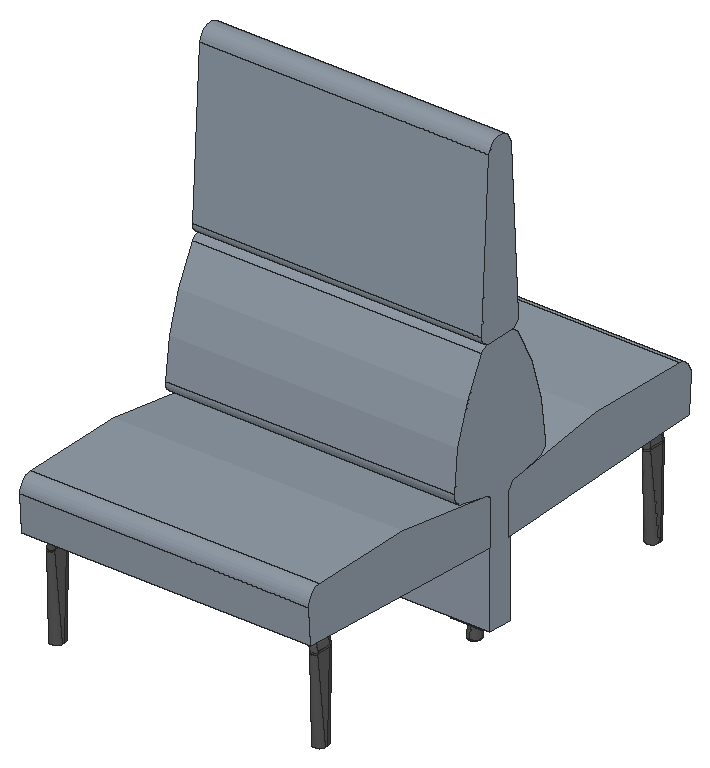
Revit family "FU_Modular_Sandler_Ambit 1046", category Furniture, Revit 2020
Family settings
  OmniClass Number = 23.40.20.00
  OmniClass Title = General Furniture and Specialties
  Work Plane-Based = No
  Always vertical = Yes
  Cut with Voids When Loaded = No
  Shared = No
  Room Calculation Point = No
Parameters (values of type "Ambit 1046")
  Width = 800 mm
  URL = "https://www.sandlerseating.com/product/ambit-1046/"
  Seat [instance] = Fabric - Gravity - Frozen CPC27
  Panel [instance] = Fabric - Gravity - Frozen CPC27
  Model = "Ambit 1046"
  Manufacturer = "Sandler"
  Height = 770 mm
  Frame [instance] = Metal - Paint -AL VR - Matt Jet Black
  Description = "Modular seating system. Upholstered seat and back, with feet in cast aluminium."
  Depth = 1320 mm
  Default Elevation = 0 mm
  Back [instance] = Fabric - Gravity - Frozen CPC27
Reference planes
  plane 1 "Center (Front/Back)": y = 0
  plane 2: z = 0
  plane 3 "Center (Left/Right)": x = 0
  plane 4 "Right": x = -400
  plane 5 "Left": x = 400
  plane 6 "Back": y = 660
  plane 7 "Front": y = -660
  plane 8 "Height": z = 770
  plane 9 "Seat height": z = 430
Dimensions and locks
  equal spacing: plane 4 "Right", plane 3 "Center (Left/Right)", plane 5 "Left"
  "Width": plane 4 "Right" to plane 5 "Left"
  equal spacing: plane 6 "Back", plane 1 "Center (Front/Back)", plane 7 "Front"
  "Depth": plane 6 "Back" to plane 7 "Front"
  "Height": plane 8 "Height" to level
  plane 9 "Seat height" to level = 430 mm
  aligned and locked: level to plane 2
Nested families
  nested 1: "Ambit Seat" at (0, -310, 0), Frame <- "Frame", Seat <- "Seat", type "Ambit Seat"
    with Seat Fabric - Gravity - Frozen CPC27, Frame Metal - Paint -AL VR - Matt Jet Black
  nested 2: "Ambit DoubleBack" at (0, 0, 0), Back <- "Back", Frame <- "Frame", type "Ambit DoubleBack"
    with Frame Metal - Paint -AL VR - Matt Jet Black, Back Fabric - Gravity - Frozen CPC27
  nested 3: "Ambit Double-High-Panel" at (0, 0, 0), Panel <- "Panel", type "Ambit Double-High-Panel"
    with Panel Fabric - Gravity - Frozen CPC27
  nested 4: "Ambit Seat" at (0, 310, 0), Frame <- "Frame", Seat <- "Seat", type "Ambit Seat"
    with Seat Fabric - Gravity - Frozen CPC27, Frame Metal - Paint -AL VR - Matt Jet Black
Definition of nested family "Ambit Seat"
  Parameters (values of type "Ambit Seat")
    Width = 800 mm
    URL = ""
    Seat [instance] = none
    Model = ""
    Manufacturer = ""
    Height = 770 mm
    Frame [instance] = none
    Description = "Modular seating system."
    Depth = 700 mm
    Default Elevation = 0 mm
  Reference planes
    plane 1 "Center (Front/Back)": y = 0
    plane 2: z = 0
    plane 3 "Center (Left/Right)": x = 0
    plane 4 "Right": x = -400
    plane 5 "Left": x = 400
    plane 6 "Back": y = 350
    plane 7 "Front": y = -350
    plane 8 "Height": z = 770
    plane 9 "Seat height": z = 430
    plane 10 "FFT C RIGHT": z = 285.404
    plane 11 "FFV  C RIGHT": y = -265.648
  Forms (mm)
    SweptBlend 1, solid, material <- "Frame"
      path origin (0, -265.648, 0) x (0, 0, -1) y (1, 0, 0)
        loop
          line (0, 364.075) -> (-239.72, 364.075)
      profile "Pro_Ambit_FFoot : Pro_Ambit_FFoot" origin (364.075, -265.648, 0) x (-1, 0, 0) y (0, -1, 0)
        loop
          arc (17.452, 3.305) -> (0, 20.142) -> (-17.452, 3.305) r 17.463
          line (-17.452, 3.305) -> (-17.452, -3.305)
          arc (-17.452, -3.305) -> (0, -20.142) -> (17.452, -3.305) r 17.463
          line (17.452, -3.305) -> (17.452, 3.305)
      end profile "Pro_Ambit_FF : Pro_Ambit_FF" origin (364.075, -265.648, 239.72) x (-1, 0, 0) y (0, -1, 0)
        loop
          arc (-10, -20.066) -> (0, -30.066) -> (10, -20.066) r 10
          line (10, -20.066) -> (10, 20.066)
          arc (10, 20.066) -> (0, 30.066) -> (-10, 20.066) r 10
          line (-10, 20.066) -> (-10, -20.066)
    Sweep 2, solid, material <- "Frame"
      path origin (0, -265.648, 0) x (0, 0, -1) y (1, 0, 0)
        loop
          line (-234.72, -364.14) -> (-239.72, -364.14)
          arc (-239.72, -364.14) -> (-272.419, -345.952) -> (-285.404, -310.86) r 53.912
          line (-285.404, -310.86) -> (-285.404, 310.86)
          arc (-285.404, 310.86) -> (-272.419, 345.952) -> (-239.72, 364.14) r 53.912
          line (-239.72, 364.14) -> (-234.72, 364.14)
      profile "Pro_Ambit_FF : Pro_Ambit_FF" origin (0, -265.648, 285.404) x (0, 0, 1) y (0, -1, 0)
        loop
          arc (-10, -20.066) -> (0, -30.066) -> (10, -20.066) r 10
          line (10, -20.066) -> (10, 20.066)
          arc (10, 20.066) -> (0, 30.066) -> (-10, 20.066) r 10
          line (-10, 20.066) -> (-10, -20.066)
    SweptBlend 3, solid, material <- "Frame"
      path origin (0, -265.648, 0) x (0, 0, -1) y (-1, 0, 0)
        loop
          line (0, 364.075) -> (-239.72, 364.075)
      profile "Pro_Ambit_FFoot : Pro_Ambit_FFoot" origin (-364.075, -265.648, 0) x (-1, 0, 0) y (0, -1, 0)
        loop
          line (-17.452, 3.305) -> (-17.452, -3.305)
          arc (-17.452, -3.305) -> (0, -20.142) -> (17.452, -3.305) r 17.463
          line (17.452, -3.305) -> (17.452, 3.305)
          arc (17.452, 3.305) -> (0, 20.142) -> (-17.452, 3.305) r 17.463
      end profile "Pro_Ambit_FF : Pro_Ambit_FF" origin (-364.075, -265.648, 239.72) x (-1, 0, 0) y (0, -1, 0)
        loop
          line (-10, 20.066) -> (-10, -20.066)
          arc (-10, -20.066) -> (0, -30.066) -> (10, -20.066) r 10
          line (10, -20.066) -> (10, 20.066)
          arc (10, 20.066) -> (0, 30.066) -> (-10, 20.066) r 10
    Extrusion 4, solid, material <- "Seat"
      sketch origin (-400, 0, 0) x (0, -1, 0) y (0, 0, 1)
        loop
          line (343.115, 289.761) -> (350.038, 388.028)
          arc (350.038, 388.028) -> (340.698, 416.645) -> (314.05, 430.647) r 40
          arc (314.05, 430.647) -> (24.831, 435.731) -> (-261.468, 394.425) r 1800.168
          arc (-261.468, 394.425) -> (-272.664, 387.398) -> (-277.031, 374.923) r 20
          line (-277.031, 374.923) -> (-277.031, 260.098) -> (343.115, 289.761)
      from -800 to 0
  Dimensions and locks
    equal spacing: plane 4 "Right", plane 3 "Center (Left/Right)", plane 5 "Left"
    "Width": plane 4 "Right" to plane 5 "Left"
    equal spacing: plane 6 "Back", plane 1 "Center (Front/Back)", plane 7 "Front"
    "Depth": plane 6 "Back" to plane 7 "Front"
    "Height": plane 8 "Height" to level
    plane 9 "Seat height" to level = 430 mm
    aligned and locked: level to plane 2
  Automatic sketch dimensions
    SweptBlend 1 sketch curve to level = 0 mm
    SweptBlend 1 sketch curve to plane 10 "FFT C RIGHT" = 45.683 mm
    Sweep 2 sketch curve to plane 10 "FFT C RIGHT" = 0 mm
    Sweep 2 sketch curve to plane 10 "FFT C RIGHT" = 45.683 mm  (x2)
    Sweep 2 sketch curve to plane 10 "FFT C RIGHT" = 53.912 mm  (x2)
    Sweep 2 sketch curve to plane 4 "Right" = 89.14 mm
    Sweep 2 sketch curve to Sweep 2 sketch curve = 5 mm  (x2)
    SweptBlend 3 sketch curve to level = 0 mm
    plane 4 "Right" to SweptBlend 3 sketch curve = 35.925 mm
    plane 10 "FFT C RIGHT" to SweptBlend 3 sketch curve = 45.683 mm
    Extrusion 4 sketch curve to Extrusion 4 sketch curve = 20 mm
    Extrusion 4 sketch curve to plane 11 "FFV  C RIGHT" = 127.741 mm
    plane 7 "Front" to Extrusion 4 sketch curve = 39.864 mm
    plane 7 "Front" to Extrusion 4 sketch curve = 6.885 mm
    Extrusion 4 sketch curve to plane 7 "Front" = 0.038 mm
    Extrusion 4 sketch curve to level = 1360.883 mm
    Extrusion 4 sketch curve to plane 10 "FFT C RIGHT" = 25.306 mm
    plane 10 "FFT C RIGHT" to Extrusion 4 sketch curve = 4.357 mm
    Extrusion 4 sketch curve to plane 9 "Seat height" = 55.077 mm
    Extrusion 4 sketch curve to plane 9 "Seat height" = 41.972 mm
    Extrusion 4 sketch curve to plane 9 "Seat height" = 39.161 mm
    Extrusion 4 sketch curve to Extrusion 4 sketch curve = 0 mm
    plane 5 "Left" to SweptBlend 1 sketch curve = 35.925 mm
    plane 5 "Left" to Sweep 2 sketch curve = 89.14 mm
    Extrusion 4 sketch curve to plane 6 "Back" = 92.969 mm
Definition of nested family "Ambit DoubleBack"
  Parameters (values of type "Ambit DoubleBack")
    Width = 800 mm
    Height = 770 mm
    Frame [instance] = none
    Depth = 320 mm
    Default Elevation = 0 mm
    Back [instance] = none
  Reference planes
    plane 1 "Center (Front/Back)": y = 0
    plane 2: z = 0
    plane 3 "Center (Left/Right)": x = 0
    plane 4 "Right": x = -400
    plane 5 "Left": x = 400
    plane 6 "Back": y = 160
    plane 7 "Front": y = -160
    plane 8 "Height": z = 770
    plane 9 "Seat height": z = 430
  Forms (mm)
    Revolve 1, solid, material <- "Frame"
      sketch origin (330.534, -318.685, 0) x (0, 1, 0) y (0, 0, 1)
        loop
          line (304.423, 40.637) -> (301.57, 2.1)
          arc (301.57, 2.1) -> (301.901, 0.817) -> (302.944, 0) r 2.065
          line (302.944, 0) -> (318.961, 0) -> (318.961, 48.022) -> (299.441, 48.022) -> (299.441, 46.076)
          arc (299.441, 46.076) -> (303.107, 44.432) -> (304.423, 40.637) r 5.065
        axis (318.961, 48.022) -> (318.961, 0)
      angle from 0 to 360
    Extrusion 2, solid, material <- "Frame"
      sketch origin (-0.482, -318.685, 51.603) x (0, -1, 0) y (1, 0, 0)
        loop
          arc (-347.852, 290.046) -> (-347.258, 288.613) -> (-345.824, 288.019) r 2.027
          line (-345.824, 288.019) -> (-291.875, 288.019)
          arc (-291.875, 288.019) -> (-290.444, 288.611) -> (-289.852, 290.042) r 2.023
          line (-289.852, 290.042) -> (-289.852, 372.037)
          arc (-289.852, 372.037) -> (-290.431, 373.436) -> (-291.83, 374.016) r 1.978
          line (-291.83, 374.016) -> (-345.837, 374.016)
          arc (-345.837, 374.016) -> (-347.262, 373.426) -> (-347.852, 372.001) r 2.015
          line (-347.852, 372.001) -> (-347.852, 290.046)
      from -5.528 to 0
    Revolve 3, solid, material <- "Frame"
      sketch origin (-330.534, -318.685, 0) x (0, 1, 0) y (0, 0, -1)
        loop
          arc (304.423, -40.637) -> (303.107, -44.432) -> (299.441, -46.076) r 5.065
          line (299.441, -46.076) -> (299.441, -48.022) -> (318.961, -48.022) -> (318.961, 0) -> (302.944, 0)
          arc (302.944, 0) -> (301.901, -0.817) -> (301.57, -2.1) r 2.065
          line (301.57, -2.1) -> (304.423, -40.637)
        axis (318.961, -48.022) -> (318.961, 0)
      angle from 0 to 360
    Extrusion 4, solid, material <- "Frame"
      sketch origin (0.482, -318.685, 51.603) x (0, -1, 0) y (1, 0, 0)
        loop
          line (-347.852, -290.046) -> (-347.852, -372.001)
          arc (-347.852, -372.001) -> (-347.262, -373.426) -> (-345.837, -374.016) r 2.015
          line (-345.837, -374.016) -> (-291.83, -374.016)
          arc (-291.83, -374.016) -> (-290.431, -373.436) -> (-289.852, -372.037) r 1.978
          line (-289.852, -372.037) -> (-289.852, -290.042)
          arc (-289.852, -290.042) -> (-290.444, -288.611) -> (-291.875, -288.019) r 2.023
          line (-291.875, -288.019) -> (-345.824, -288.019)
          arc (-345.824, -288.019) -> (-347.258, -288.613) -> (-347.852, -290.046) r 2.027
      from -5.528 to 0
    Extrusion 5, solid, material <- "Back"
      sketch origin (0, 0, 0) x (0, 1, 0) y (0, 0, 1)
        loop
          line (-33, 51.603) -> (33, 51.603) -> (33, 376.265)
          arc (33, 376.265) -> (37.75, 387.916) -> (48.518, 394.425) r 20
          arc (48.518, 394.425) -> (88.097, 402.963) -> (127.858, 410.609) r 1800.168
          arc (127.858, 410.609) -> (148.84, 423.03) -> (156.619, 446.139) r 35
          arc (156.619, 446.139) -> (130.105, 606.219) -> (62.425, 753.69) r 611.524
          arc (62.425, 753.69) -> (49.728, 765.652) -> (32.833, 770) r 35
          line (32.833, 770) -> (-32.833, 770)
          arc (-32.833, 770) -> (-49.728, 765.652) -> (-62.425, 753.69) r 35
          arc (-62.425, 753.69) -> (-130.105, 606.219) -> (-156.619, 446.139) r 611.524
          arc (-156.619, 446.139) -> (-148.84, 423.03) -> (-127.858, 410.609) r 35
          arc (-127.858, 410.609) -> (-88.097, 402.963) -> (-48.518, 394.425) r 1800.168
          arc (-48.518, 394.425) -> (-37.75, 387.916) -> (-33, 376.265) r 20
          line (-33, 376.265) -> (-33, 51.603)
      from -400 to 400
  Dimensions and locks
    equal spacing: plane 4 "Right", plane 3 "Center (Left/Right)", plane 5 "Left"
    "Width": plane 4 "Right" to plane 5 "Left"
    equal spacing: plane 6 "Back", plane 1 "Center (Front/Back)", plane 7 "Front"
    "Depth": plane 6 "Back" to plane 7 "Front"
    "Height": plane 8 "Height" to level
    plane 9 "Seat height" to level = 430 mm
    aligned and locked: level to plane 2
  Automatic sketch dimensions
    Revolve 1 sketch curve to level = 0 mm
    level to Revolve 1 sketch curve = 41.011 mm
    Revolve 1 sketch curve to plane 6 "Back" = 179.313 mm
    Revolve 1 sketch curve to Revolve 1 sketch curve = 0.069 mm
    level to Revolve 1 sketch curve = 2.1 mm
    Revolve 1 sketch curve to Revolve 1 sketch curve = 2.198 mm
    Revolve 1 sketch curve to Revolve 1 sketch curve = 1.373 mm
    level to Revolve 1 sketch curve = 1.947 mm
    level to Revolve 1 sketch curve = 40.637 mm
    Revolve 1 sketch curve to Revolve 1 sketch curve = 5.051 mm
    Revolve 1 sketch curve to Revolve 1 sketch curve = 15.332 mm
    Revolve 1 sketch curve to Revolve 1 sketch curve = 7.385 mm
    Revolve 1 sketch curve to Revolve 1 sketch curve = 0 mm
    Revolve 1 sketch curve to level = 4.899 mm
    Revolve 1 sketch curve to Revolve 1 sketch curve = 5 mm
    plane 5 "Left" to Extrusion 2 sketch curve = 110.435 mm
    Extrusion 2 sketch curve to plane 6 "Back" = 130.833 mm
    Extrusion 2 sketch curve to Extrusion 2 sketch curve = 2.015 mm
    Extrusion 2 sketch curve to Extrusion 2 sketch curve = 2.027 mm
    Extrusion 2 sketch curve to Extrusion 2 sketch curve = 53.95 mm
    Extrusion 2 sketch curve to Extrusion 2 sketch curve = 54.007 mm
    Extrusion 2 sketch curve to Extrusion 2 sketch curve = 2.023 mm
    plane 5 "Left" to Extrusion 2 sketch curve = 28.481 mm
    Revolve 3 sketch curve to level = 0 mm
    level to Revolve 3 sketch curve = 41.011 mm
    Revolve 3 sketch curve to plane 6 "Back" = 179.313 mm
    Revolve 3 sketch curve to Revolve 3 sketch curve = 0.069 mm
    level to Revolve 3 sketch curve = 2.1 mm
    Revolve 3 sketch curve to Revolve 3 sketch curve = 2.198 mm
    Revolve 3 sketch curve to Revolve 3 sketch curve = 1.373 mm
    level to Revolve 3 sketch curve = 1.947 mm
    level to Revolve 3 sketch curve = 40.637 mm
    Revolve 3 sketch curve to Revolve 3 sketch curve = 5.051 mm
    Revolve 3 sketch curve to Revolve 3 sketch curve = 15.332 mm
    Revolve 3 sketch curve to Revolve 3 sketch curve = 1.946 mm
    Revolve 3 sketch curve to Revolve 3 sketch curve = 0 mm
    Revolve 3 sketch curve to Revolve 3 sketch curve = 5 mm
    Revolve 3 sketch curve to level = 4.899 mm
    Extrusion 4 sketch curve to plane 4 "Right" = 110.435 mm
    Extrusion 4 sketch curve to plane 6 "Back" = 130.833 mm
    Extrusion 4 sketch curve to Extrusion 4 sketch curve = 2.015 mm
    Extrusion 4 sketch curve to Extrusion 4 sketch curve = 2.027 mm
    Extrusion 4 sketch curve to Extrusion 4 sketch curve = 53.95 mm
    Extrusion 4 sketch curve to Extrusion 4 sketch curve = 54.007 mm
    Extrusion 4 sketch curve to Extrusion 4 sketch curve = 2.023 mm
    Extrusion 4 sketch curve to plane 4 "Right" = 28.481 mm
    Extrusion 5 sketch curve to plane 8 "Height" = 0 mm
    Extrusion 5 sketch curve to plane 7 "Front" = 287.893 mm
    Extrusion 5 sketch curve to plane 9 "Seat height" = 2.863 mm  (x2)
    Extrusion 5 sketch curve to plane 7 "Front" = 294.609 mm
    plane 9 "Seat height" to Extrusion 5 sketch curve = 15.052 mm  (x2)
    plane 7 "Front" to Extrusion 5 sketch curve = 38.364 mm
    plane 1 "Center (Front/Back)" to Extrusion 5 sketch curve = 52.955 mm
    plane 1 "Center (Front/Back)" to Extrusion 5 sketch curve = 33 mm
    plane 1 "Center (Front/Back)" to Extrusion 5 sketch curve = 32.833 mm
    Extrusion 5 sketch curve to plane 1 "Center (Front/Back)" = 32.833 mm
    Extrusion 5 sketch curve to plane 1 "Center (Front/Back)" = 33 mm
    Extrusion 5 sketch curve to Extrusion 5 sketch curve = 19.955 mm
    Extrusion 5 sketch curve to plane 6 "Back" = 38.364 mm
    plane 6 "Back" to Extrusion 5 sketch curve = 294.609 mm
    plane 6 "Back" to Extrusion 5 sketch curve = 287.893 mm
    Extrusion 5 sketch curve to plane 9 "Seat height" = 53.735 mm  (x2)
    Extrusion 5 sketch curve to Extrusion 5 sketch curve = 1.342 mm  (x2)
    level to Extrusion 5 sketch curve = 51.603 mm
    Extrusion 5 sketch curve to level = 1360.883 mm
    Extrusion 5 sketch curve to Extrusion 5 sketch curve = 0 mm  (x6)
    Extrusion 5 sketch curve to Extrusion 5 sketch curve = 35 mm  (x2)
    plane 7 "Front" to Extrusion 5 sketch curve = 3.381 mm
Definition of nested family "Ambit Double-High-Panel"
  Parameters (values of type "Ambit Double-High-Panel")
    Width = 800 mm
    URL = ""
    Panel [instance] = none
    Overall Height = 1270 mm
    Model = ""
    Manufacturer = ""
    Back Height = 770 mm
    Description = "Modular seating system."
    Depth = 700 mm
    Default Elevation = 0 mm
  Reference planes
    plane 1 "Center (Front/Back)": y = 0
    plane 2: z = 0
    plane 3 "Center (Left/Right)": x = 0
    plane 4 "Right": x = -400
    plane 5 "Left": x = 400
    plane 6 "Back": y = 350
    plane 7 "Front": y = -350
    plane 8 "Back Height": z = 770
    plane 9 "Seat height": z = 430
    plane 10 "Panel Height": z = 1270
  Forms (mm)
    Extrusion 1, solid, material <- "Panel"
      sketch origin (400, -318.284, 0) x (0, -1, 0) y (0, 0, 1)
        loop
          arc (-255.4, 795.372) -> (-263.643, 1016.712) -> (-281.763, 1237.462) r 4957.952
          arc (-281.763, 1237.462) -> (-318.284, 1270.362) -> (-354.805, 1237.462) r 36.72
          arc (-354.805, 1237.462) -> (-372.926, 1016.712) -> (-381.169, 795.372) r 4957.952
          arc (-381.169, 795.372) -> (-373.98, 777.454) -> (-356.171, 770) r 25
          line (-356.171, 770) -> (-280.397, 770)
          arc (-280.397, 770) -> (-262.588, 777.454) -> (-255.4, 795.372) r 25
      from 0 to 800
  Dimensions and locks
    equal spacing: plane 4 "Right", plane 3 "Center (Left/Right)", plane 5 "Left"
    "Width": plane 4 "Right" to plane 5 "Left"
    equal spacing: plane 6 "Back", plane 1 "Center (Front/Back)", plane 7 "Front"
    "Depth": plane 6 "Back" to plane 7 "Front"
    "Back Height": plane 8 "Back Height" to level
    plane 9 "Seat height" to level = 430 mm
    "Overall Height": plane 10 "Panel Height" to level
    aligned and locked: level to plane 2
  Automatic sketch dimensions
    Extrusion 1 sketch curve to plane 8 "Back Height" = 0 mm
    Extrusion 1 sketch curve to plane 8 "Back Height" = 48.425 mm  (x2)
    plane 6 "Back" to Extrusion 1 sketch curve = 4544.518 mm
    plane 8 "Back Height" to Extrusion 1 sketch curve = 25 mm  (x2)
    Extrusion 1 sketch curve to plane 1 "Center (Front/Back)" = 37.887 mm
    plane 1 "Center (Front/Back)" to Extrusion 1 sketch curve = 0 mm
    plane 1 "Center (Front/Back)" to Extrusion 1 sketch curve = 37.887 mm
    Extrusion 1 sketch curve to plane 7 "Front" = 4544.518 mm
    Extrusion 1 sketch curve to plane 10 "Panel Height" = 36.359 mm
    Extrusion 1 sketch curve to Extrusion 1 sketch curve = 0 mm  (x3)
